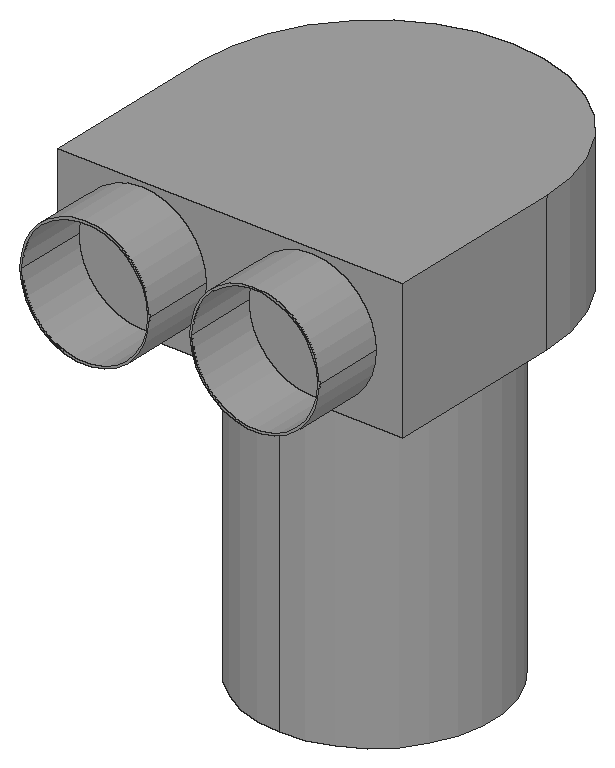
Revit family "CADS_AIRFLOWdev_AirflexPro_Round_90DegCeilingOutlet_Supply", category Duct Fittings, Revit 2019
Family settings
  Round Connector Dimension = Use Diameter
  Part Type = Wye
  Work Plane-Based = No
  Always vertical = Yes
  Cut with Voids When Loaded = No
  Shared = No
Parameters (values of type "CADS_AIRFLOWdev_AirflexPro_Round_90DegFloorOutlet_Supply")
  f3 [instance] = f - f2  # 0.0 L/s
  f2 [instance] = 0.0 L/s
  f [instance] = 0.0 L/s
  WorkingPressure = 3000.0 Pa
  WeeklyMaintenance = "N/A"
  WarrantyStartDate [instance] = "1900-12-31T23:59:162"
  WarrantyPeriod = "0"
  WarrantyIdentifier = "N/A"
  WarrantyGuarantorParts = "info@airflow.com"
  WarrantyGuarantorLabor = "info@airflow.com"
  WarrantyGuarantor = "Airflow Developments Ltd"
  WarrantyEndDate [instance] = "1900-12-31T23:59:162"
  WarrantyContent = "N/A"
  Uniclass2015 = "Pr_30_59_96_92:Ventilation ducts"
  TemperatureRange = "up to 40°C"
  TagNumber [instance] = "N/A"
  SustainabilityPerformance = "N/A"
  Status = "New"
  Size = "245x 190x  385"
  ShippingWeight = 1.32 kg
  Shape = "Other"
  ServiceLifeType = "EXPECTEDSERVICELIFE"
  ServiceLifeDuration = "10"
  SerialNumber [instance] = "N/A"
  SAPApproval = yes
  RunID = "0"
  ReplacementCost = "71.208"
  Reinforcement = "N/A"
  RedDotDesignAward = no
  QuarterlyMaintenance = "N/A"
  Quantity = 1
  ProductionYear = "2017"
  ProductLiterature = "https://www.airflow.com/pdf/Accessories.pdf#page=3"
  PointOfContact = "Airflow Developments Ltd"
  PassiveHouseApproval = no
  NominalWidth = 190 mm
  NominalLength = 245 mm
  NominalHeight = 385 mm
  NBSCode = "45-80-50/394 Ventilation ducts"
  MonthlyMaintenance = "N/A"
  ModelReference [instance] = "9041142"
  ModelLabel [instance] = "Round 90o floor plenum for use with 9041174"
  Material = "Steel"
  ManufacturerWebsite = "www.airflow.com"
  ManufacturerTelephone = "01494 525252"
  ManufacturerE-Mail = "info@airflow.com"
  ManufacturerAddress = "Aidelle House\nLancaster Road\nCressex Business Park\nHigh Wycombe\nBucks\nHP123QP"
  Manufacturer = "Airflow Developments Ltd"
  MaintenanceRequired8001to12000hrs = "N/A"
  MaintenanceRequired601to1000hrs = "N/A"
  MaintenanceRequired4001to8000hrs = "N/A"
  MaintenanceRequired301to600hrs = "N/A"
  MaintenanceRequired2001to4000hrs = "N/A"
  MaintenanceRequired1001to2000hrs = "N/A"
  MaintenanceRequired0to300hrs = "N/A"
  LongitudinalSeam = "None"
  IsExtendedWarranty = no
  InstallationDate [instance] = "1900-12-31T23:59:162"
  ISO90001 = yes
  ISO140001 = yes
  GrossWeight = 1.10 kg
  Grade = "Stainless"
  GlobalTradeItemNumber [instance] = "5019009305769"
  Fitting Type = "Ignore"
  FireControlPanelLinks = no
  Finish = "Lacquer"
  Features = "Round 90o floor plenum for use with 9041174"
  ExpectedServiceLife = 10
  Exclusions = "N/A"
  DurationUnit = "Year"
  DailyMaintenance = "N/A"
  Constituents = "Round 90o floor plenum for use with 9041174"
  Color = "Silver"
  CodePerformance = "N/A"
  CEApproval = yes
  CADS_Index = 0
  BespokeTimeFrameMaintenance = "N/A"
  AssetType = "FIXED"
  AssetIdentifier [instance] = "N/A"
  AssemblyPlace = "UNKNOWN"
  ArticleNumber [instance] = "N/A"
  AnnualMaintenance = "N/A"
  AirflowRateRange = 18.0 L/s
  AdjustableLengthCheck [instance] = 172.944 mm
  AdjustableLength [instance] = 310 mm
  AccessibilityPerformance = "N/A"
  AF_Body = AF_Grey
  6MonthlyMaintenance = "Visually inspect system, clean the fan and ducting if necessary"
Types (3, lengths in mm): name | Features | Constituents | AdjustableLengthCheck
  CADS_AIRFLOWdev_AirFlex_Round_WallPlenum | "Round 90o floor plenum for use with 9041174" | "Round 90o floor plenum for use with 9041174" | 172.944
  CADS_AIRFLOWdev_AirflexPro_Round_90DegFloorOutlet_Supply | "Round 90o floor plenum for use with 9041174" | "Round 90o floor plenum for use with 9041174" | 172.944
  CADS_AIRFLOWdev_AirflexPro_Round_90Deg Ceiling Outlet_Supply | "Round 90o Ceiling Plenum" | "Round 90o ceiling plenum" | 310
Reference planes
  plane 1 "Center (Front/Back)": y = 0
  plane 2: z = 0
  plane 3 "Center (Left/Right)": x = 0
  plane 4: y = -147.5
  plane 5: y = -106
  plane 6: x = -95
  plane 7: x = 95
  plane 8 "CL Spigot": z = 132.444
  plane 9: z = 91.944
  plane 10: z = 172.944
Forms (mm)
  Extrusion 1, solid, material "AF_Grey" <- "AF_Body"
    sketch origin (102.487, 0, 132.444) x (0, -1, 0) y (1, 0, 0)
      loop
        arc (0, 101.5) -> (-101.5, 0) -> (0, -101.5) r 101.5
        line (0, -101.5) -> (106, -101.5) -> (106, 101.5) -> (0, 101.5)
    from -40.5 to 40.5
  Extrusion 2, solid, material "AF_Grey" <- "AF_Body"
    sketch origin (102.487, 0, 132.444) x (0, -1, 0) y (1, 0, 0)
      loop
        circle (0, 0) r 70
      loop
        circle (0, 0) r 69
    from -247.043 to 0
  Extrusion 3, solid, material "AF_Grey" <- "AF_Body"
    sketch origin (315.149, -106, -1418.056) x (1, 0, 0) y (0, 0, -1)
      loop
        circle (-165.149, -1550.5) r 38
      loop
        circle (-265.149, -1550.5) r 38
    from -41.5 to 6.5
  Extrusion 4, void
    sketch origin (315.149, -99.5, -1418.056) x (1, 0, 0) y (0, 0, -1)
      loop
        circle (-165.149, -1550.5) r 37
      loop
        circle (-265.149, -1550.5) r 37
    from -48 to -1.633
Cuts and joins
  joined: Extrusion 1, Extrusion 2
  Extrusion 4 cuts Extrusion 3
Dimensions and locks
  plane 10 to plane 8 "CL Spigot" to plane 9 = 40.5 mm locked, 40.5 mm locked
  "AdjustableLengthCheck": plane 10 to plane 2
  plane 3 "Center (Left/Right)" to Extrusion 3 sketch curve to Extrusion 3 sketch curve = 50 mm locked, 100 mm
  aligned and locked: level to plane 2
  aligned and locked: Extrusion 2 to plane 8 "CL Spigot"
  aligned and locked: Extrusion 3 to plane 4
  aligned and locked: Extrusion 4 to plane 4
Automatic sketch dimensions
  plane 1 "Center (Front/Back)" to Extrusion 1 sketch curve = 0 mm
  Extrusion 1 sketch curve to plane 5 = 0 mm
  plane 3 "Center (Left/Right)" to Extrusion 1 sketch curve = 0.987 mm
  plane 7 to Extrusion 1 sketch curve = 7.487 mm
  Extrusion 2 sketch curve to Extrusion 2 sketch curve = 0 mm  (x2)
  plane 1 "Center (Front/Back)" to Extrusion 2 sketch curve = 0 mm
  plane 7 to Extrusion 2 sketch curve = 7.487 mm
  Extrusion 3 sketch curve to plane 8 "CL Spigot" = 0 mm  (x2)
  radius of Extrusion 2 sketch curve = 70 mm
  radius of Extrusion 2 sketch curve = 69 mm
  radius of Extrusion 3 sketch curve = 38 mm  (x2)
  radius of Extrusion 4 sketch curve to Extrusion 3 = 1 mm  (x2)
Connectors
  hvac at (102.487, 0, -114.599), driven by "f"
    settings: on cut or joined group of Extrusion 1, Extrusion 2, index 1, duct flow 0.0 L/s, flow factor 0, pres drop 0.0 Pa, loss coef 0, conn angle 0.00°, conn width 304.8 mm, conn height 304.8 mm, conn diameter 140 mm, duct sys type 1, conn prof type 0, flow config 0, flow direction 2, loss method 0, conn ref index -1, conn util no, is conn primary yes, conn desc ""
  hvac at (150, -101.133, 132.444), driven by "f2"
    settings: on cut or joined group of Extrusion 3, Extrusion 4, index 2, duct flow 0.0 L/s, flow factor 0, pres drop 0.0 Pa, loss coef 0, conn angle 0.00°, conn width 304.8 mm, conn height 304.8 mm, conn diameter 75 mm, duct sys type 1, conn prof type 0, flow config 0, flow direction 1, loss method 0, conn ref index -1, conn util no, is conn primary no, conn desc ""
  hvac at (50, -101.133, 132.444), driven by "f3"
    settings: on cut or joined group of Extrusion 3, Extrusion 4, index 3, duct flow 0.0 L/s, flow factor 0, pres drop 0.0 Pa, loss coef 0, conn angle 0.00°, conn width 304.8 mm, conn height 304.8 mm, conn diameter 75 mm, duct sys type 1, conn prof type 0, flow config 0, flow direction 1, loss method 0, conn ref index -1, conn util no, is conn primary no, conn desc ""
